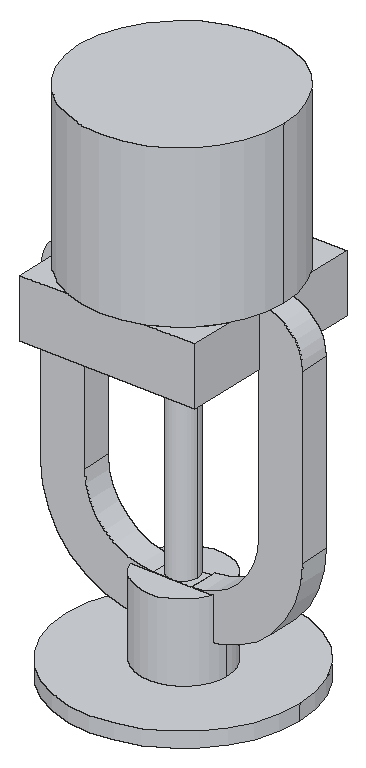
Revit family
Parameters (values of type "RASCO F1FR56 PENDENT")
  Temperature Rating = 200 °F
  Response = 1
  RASCO SIN # = "RA1414"
  RASCO Part # = "F1FR56P2C"
  Pressure Rating = "175 PSI"
  Pressure Class = (empty or 0)
  Orifice Size = 1/2"
  Orifice = (empty or 0)
  Model = "F1FR56"
  Manufacturer = "RASCO"
  K-Factor = 5.6
  Description = "Chrome Finish"
  Coverage = (empty or 0)
Reference planes (in)
  plane 1 "Center (Front/Back)": y = 0
  plane 2: z = 0
  plane 3 "Center (Left/Right)": x = 0
Dimensions and locks (in)
  aligned and locked: plane 2 to level
Nested families (in)
  nested 1: "F1FR56P2C" at (-0.0113, 0, 2.4375) x (-1, 0, 0) z (0, 0, -1), type "RASCO F1FR56 PENDENT"
Connectors (in)
  piping at (-0.0113, 0, 2.4375)
    settings: on nested 1, index 1, connector radius 115/256", flow factor 0, pipe flow 0 GPM, pressure drop 0.00 psi, fitting loss kfactor 0, connector angle 0.00°, fixture units 0, flow configuration 0, flow direction 0, fitting loss method 0, system type 7, connector reference index -1, connector utility 0, adjustable connector no, is connector primary yes, fitting loss table "", connector description ""
Definition of nested family "F1FR56P2C"
  Parameters (values of type "RASCO F1FR56 PENDENT")
    Type Comments = ""
    Temperature Rating = 0 °F
    Response = (empty or 0)
    Pressure Rating = "0"
    Pressure Class = (empty or 0)
    Orifice Size = 0"
    Orifice = (empty or 0)
    Model = ""
    Manufacturer = ""
    K-Factor = 0
    Description = ""
    Coverage = (empty or 0)
    Assembly Code = ""
  Reference planes (in)
    plane 1 "Center (Front/Back)": y = 0
    plane 2: z = 0
    plane 3 "ref.2": z = 0.6875
    plane 4 "ref.3": z = 0.9375
    plane 5: x = -0.38065
    plane 6: x = 0.36935
    plane 7 "ref. side 1": y = 0.06402
    plane 8 "ref. side 2": y = -0.06098
    plane 9 "ref.4": z = 1.875
    plane 10 "ref.5": z = 2.3125
    plane 11 "ref.6": z = 2.4375
  Forms (in)
    Extrusion 1, solid
      sketch origin (0, 0, 0) x (1, 0, 0) y (0, 1, 0)
        loop
          circle (0, 0) r 0.4379
      from 0 to 0.6875
    Extrusion 2, solid
      sketch origin (-0.12185, 0.05177, 0.6875) x (1, 0, 0) y (0, 1, 0)
        loop
          line (-0.2588, 0.356) -> (-0.2588, -0.4565) -> (0.4912, -0.4565) -> (0.4912, 0.356) -> (-0.2588, 0.356)
      from 0 to 0.25
    Extrusion 3, solid
      sketch origin (0, 0, 0) x (1, 0, 0) y (0, 0, 1)
        loop
          line (-0.38065, 0.68754) -> (-0.38065, 1.58397)
          arc (-0.38065, 1.58397) -> (-0.29541, 1.78976) -> (-0.08962, 1.875) r 0.29103
          line (-0.08962, 1.875) -> (0.07524, 1.875)
          arc (0.07524, 1.875) -> (0.28321, 1.78886) -> (0.36935, 1.58089) r 0.29411
          line (0.36935, 1.58089) -> (0.36935, 0.68751)
          arc (0.36935, 0.68751) -> (0.50207, 0.74393) -> (0.55685, 0.87734) r 0.18984
          line (0.55685, 0.87734) -> (0.55685, 1.61676)
          arc (0.55685, 1.61676) -> (0.42629, 1.93194) -> (0.11111, 2.0625) r 0.44574
          line (0.11111, 2.0625) -> (-0.12259, 2.0625)
          arc (-0.12259, 2.0625) -> (-0.43765, 1.932) -> (-0.56815, 1.61694) r 0.44556
          line (-0.56815, 1.61694) -> (-0.56815, 0.87876)
          arc (-0.56815, 0.87876) -> (-0.51345, 0.74486) -> (-0.38065, 0.68754) r 0.19126
      from -0.06402 to 0.06098
    Extrusion 4, solid
      sketch origin (0, 0, 0.9375) x (-1, 0, 0) y (0, -1, 0)
        loop
          circle (0.00574, -0.00152) r 0.0625
      from 0 to 0.9375
    Extrusion 5, solid
      sketch origin (0, 0, 1.875) x (-1, 0, 0) y (0, -1, 0)
        loop
          circle (0.00574, -0.00152) r 0.1875
      from 0 to 0.4375
    Extrusion 6, solid
      sketch origin (0, 0, 2.3125) x (0, -1, 0) y (1, 0, 0)
        loop
          circle (-0.00152, -0.00574) r 0.5
      from -0.10531 to -0.03987
  Cuts and joins
    joined: Extrusion 1, Extrusion 2, Extrusion 4
  Lines and regions (in)
    model lines
      curve 1: line (-0.00574, 0.06402, 1.875) -> (-0.00574, -0.06098, 1.875)
